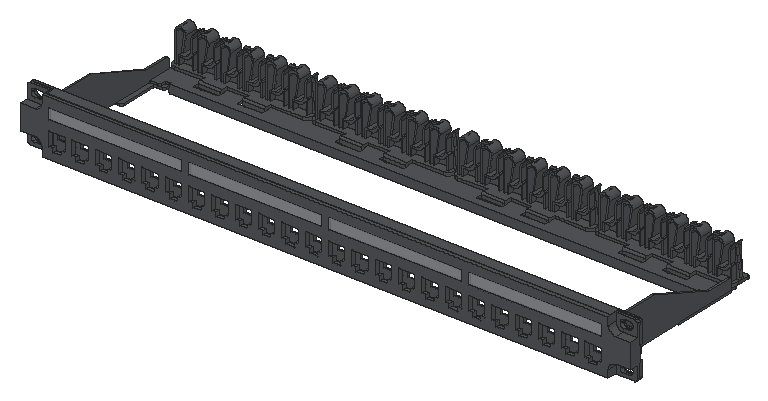
Revit family "Panel de interconexión", category Equipement spécialisé, Revit 2020 (continued)
Automatic sketch dimensions
  plane 11 to Extrusion 138 sketch curve = 0.356 mm
  Extrusion 138 sketch curve to Extrusion 138 sketch curve = 0.291 mm
  Extrusion 138 sketch curve to Extrusion 138 sketch curve = 2.84 mm
  Extrusion 138 sketch curve to plane 28 = 0.95 mm
  Extrusion 138 sketch curve to Extrusion 138 sketch curve = 1 mm
  Extrusion 138 sketch curve to Extrusion 138 sketch curve = 0.3 mm
  plane 492 to Extrusion 138 sketch curve = 2.8 mm
  Extrusion 138 sketch curve to plane 12 = 2.575 mm  (x2)
  Extrusion 138 sketch curve to Extrusion 138 sketch curve = 2.34 mm
  Extrusion 138 sketch curve to Extrusion 138 sketch curve = 0 mm  (x2)
  Extrusion 138 sketch curve to Extrusion 138 sketch curve = 1.215 mm
  Extrusion 138 sketch curve to plane 28 = 0.25 mm
  plane 44 to Extrusion 138 sketch curve = 3.067 mm
  Extrusion 138 sketch curve to Extrusion 138 sketch curve = 1.628 mm
  plane 44 to Extrusion 139 sketch curve = 3.439 mm
  Extrusion 139 sketch curve to plane 484 = 17.06 mm
  plane 11 to Extrusion 139 sketch curve = 0.356 mm
  Extrusion 139 sketch curve to Extrusion 139 sketch curve = 2.249 mm
  Extrusion 139 sketch curve to Extrusion 139 sketch curve = 0.291 mm
  Extrusion 139 sketch curve to plane 28 = 1.718 mm
  Extrusion 139 sketch curve to Extrusion 139 sketch curve = 0.591 mm
  Extrusion 139 sketch curve to Extrusion 139 sketch curve = 2.84 mm
  Extrusion 139 sketch curve to plane 28 = 0.95 mm
  Extrusion 139 sketch curve to Extrusion 139 sketch curve = 0.36 mm
  Extrusion 139 sketch curve to plane 28 = 0.25 mm  (x2)
  Extrusion 139 sketch curve to Extrusion 139 sketch curve = 0.84 mm
  Extrusion 139 sketch curve to Extrusion 139 sketch curve = 1.2 mm  (x2)
  Extrusion 139 sketch curve to Extrusion 139 sketch curve = 0.3 mm
  plane 27 to Extrusion 139 sketch curve = 0.225 mm
  Extrusion 139 sketch curve to Extrusion 139 sketch curve = 5.7 mm
  Extrusion 139 sketch curve to plane 12 = 2.575 mm  (x2)
  Extrusion 139 sketch curve to Extrusion 139 sketch curve = 3.8 mm
  plane 27 to Extrusion 139 sketch curve = 0.425 mm
  Extrusion 139 sketch curve to Extrusion 139 sketch curve = 1.535 mm
  Extrusion 139 sketch curve to Extrusion 139 sketch curve = 0 mm
  Extrusion 139 sketch curve to Extrusion 139 sketch curve = 1.215 mm
  plane 44 to Extrusion 139 sketch curve = 2.017 mm
  Extrusion 139 sketch curve to Extrusion 139 sketch curve = 1.628 mm
  plane 27 to Extrusion 140 sketch curve = 0.425 mm
  Extrusion 140 sketch curve to Extrusion 140 sketch curve = 1.76 mm
  plane 27 to Extrusion 140 sketch curve = 0.225 mm
  Extrusion 140 sketch curve to Extrusion 140 sketch curve = 1.2 mm  (x2)
  Extrusion 140 sketch curve to plane 28 = 0.25 mm  (x2)
  Extrusion 140 sketch curve to Extrusion 140 sketch curve = 3.8 mm
  Extrusion 140 sketch curve to plane 484 = 3.4 mm
  Extrusion 140 sketch curve to plane 484 = 3.1 mm  (x2)
  Extrusion 140 sketch curve to Extrusion 140 sketch curve = 0.2 mm
  Extrusion 140 sketch curve to plane 28 = 0.95 mm
  Extrusion 140 sketch curve to Extrusion 140 sketch curve = 0.64 mm
  Extrusion 140 sketch curve to plane 484 = 1.9 mm
  Extrusion 140 sketch curve to Extrusion 140 sketch curve = 0.3 mm
  plane 11 to Extrusion 140 sketch curve = 0.356 mm
  Extrusion 140 sketch curve to Extrusion 140 sketch curve = 0.291 mm
  plane 484 to Extrusion 140 sketch curve = 0.94 mm
  Extrusion 140 sketch curve to plane 12 = 2.575 mm
  Extrusion 140 sketch curve to Extrusion 140 sketch curve = 0 mm  (x2)
  Extrusion 140 sketch curve to Extrusion 140 sketch curve = 1.215 mm
  plane 44 to Extrusion 140 sketch curve = 2.017 mm
  plane 44 to Extrusion 140 sketch curve = 3.439 mm
  Extrusion 140 sketch curve to Extrusion 140 sketch curve = 1.628 mm
  plane 44 to Extrusion 141 sketch curve = 3.439 mm
  Extrusion 141 sketch curve to plane 243 = 8.192 mm
  plane 11 to Extrusion 141 sketch curve = 0.356 mm
  Extrusion 141 sketch curve to Extrusion 141 sketch curve = 2.249 mm
  Extrusion 141 sketch curve to Extrusion 141 sketch curve = 0.291 mm
  Extrusion 141 sketch curve to plane 28 = 1.718 mm
  Extrusion 141 sketch curve to Extrusion 141 sketch curve = 0.591 mm
  Extrusion 141 sketch curve to Extrusion 141 sketch curve = 2.84 mm
  Extrusion 141 sketch curve to plane 28 = 0.95 mm
  Extrusion 141 sketch curve to Extrusion 141 sketch curve = 0.36 mm
  Extrusion 141 sketch curve to plane 28 = 0.25 mm  (x2)
  Extrusion 141 sketch curve to Extrusion 141 sketch curve = 0.84 mm
  Extrusion 141 sketch curve to Extrusion 141 sketch curve = 1.2 mm  (x2)
  Extrusion 141 sketch curve to Extrusion 141 sketch curve = 0.3 mm
  plane 27 to Extrusion 141 sketch curve = 0.225 mm
  Extrusion 141 sketch curve to Extrusion 141 sketch curve = 5.7 mm
  plane 484 to Extrusion 141 sketch curve = 5.1 mm
  plane 27 to Extrusion 141 sketch curve = 0.425 mm
  Extrusion 141 sketch curve to Extrusion 141 sketch curve = 1.76 mm
  Extrusion 141 sketch curve to plane 12 = 2.575 mm
  Extrusion 141 sketch curve to Extrusion 141 sketch curve = 0 mm  (x2)
  Extrusion 141 sketch curve to Extrusion 141 sketch curve = 1.215 mm
  plane 44 to Extrusion 141 sketch curve = 2.017 mm
  Extrusion 141 sketch curve to Extrusion 141 sketch curve = 1.628 mm
  plane 27 to Extrusion 142 sketch curve = 0.425 mm
  Extrusion 142 sketch curve to Extrusion 142 sketch curve = 1.76 mm
  plane 27 to Extrusion 142 sketch curve = 0.225 mm
  Extrusion 142 sketch curve to Extrusion 142 sketch curve = 1.2 mm  (x3)
  Extrusion 142 sketch curve to plane 243 = 0.232 mm
  plane 243 to Extrusion 142 sketch curve = 5.468 mm
  Extrusion 142 sketch curve to plane 12 = 2.575 mm  (x2)
  plane 243 to Extrusion 142 sketch curve = 5.768 mm  (x2)
  plane 44 to Extrusion 142 sketch curve = 2.017 mm
  Extrusion 142 sketch curve to Extrusion 142 sketch curve = 0.2 mm
  Extrusion 142 sketch curve to plane 28 = 0.95 mm
  Extrusion 142 sketch curve to Extrusion 142 sketch curve = 0.64 mm
  Extrusion 142 sketch curve to Extrusion 142 sketch curve = 0.3 mm
  plane 11 to Extrusion 142 sketch curve = 0.356 mm
  Extrusion 142 sketch curve to Extrusion 142 sketch curve = 0.291 mm
  Extrusion 142 sketch curve to plane 39 = 2.425 mm
  Extrusion 142 sketch curve to Extrusion 142 sketch curve = 0 mm
  Extrusion 142 sketch curve to Extrusion 142 sketch curve = 1.215 mm
  Extrusion 142 sketch curve to plane 28 = 0.25 mm  (x2)
  plane 44 to Extrusion 142 sketch curve = 3.439 mm
  Extrusion 142 sketch curve to Extrusion 142 sketch curve = 1.628 mm
  Extrusion 143 sketch curve to plane 14 = 0.4 mm
  Extrusion 143 sketch curve to plane 38 = 2.065 mm
  Extrusion 143 sketch curve to plane 38 = 2.21 mm
  Extrusion 143 sketch curve to plane 28 = 0.95 mm
  Extrusion 143 sketch curve to Extrusion 143 sketch curve = 0.36 mm
  Extrusion 143 sketch curve to Extrusion 143 sketch curve = 0.64 mm
  Extrusion 143 sketch curve to plane 28 = 0.25 mm  (x2)
  Extrusion 143 sketch curve to Extrusion 143 sketch curve = 0.84 mm
  Extrusion 143 sketch curve to Extrusion 143 sketch curve = 1.2 mm
  Extrusion 143 sketch curve to Extrusion 143 sketch curve = 0.3 mm
  Extrusion 143 sketch curve to plane 43 = 0.135 mm
  plane 39 to Extrusion 143 sketch curve = 1.735 mm
  plane 39 to Extrusion 143 sketch curve = 0.535 mm
  plane 27 to Extrusion 143 sketch curve = 0.425 mm
  Extrusion 143 sketch curve to plane 39 = 1.225 mm
  plane 27 to Extrusion 143 sketch curve = 0.225 mm
  Extrusion 143 sketch curve to plane 12 = 2.575 mm  (x2)
  Extrusion 143 sketch curve to Extrusion 143 sketch curve = 0 mm
  Extrusion 143 sketch curve to Extrusion 143 sketch curve = 1.215 mm
  plane 44 to Extrusion 143 sketch curve = 2.017 mm
  Extrusion 143 sketch curve to Extrusion 143 sketch curve = 2.681 mm
  plane 582 to Extrusion 144 sketch curve = 2.257 mm
  Extrusion 144 sketch curve to Extrusion 144 sketch curve = 4.833 mm
  plane 44 to Extrusion 144 sketch curve = 3.067 mm
  plane 44 to Extrusion 144 sketch curve = 5.117 mm
  Extrusion 144 sketch curve to Extrusion 144 sketch curve = 1 mm
  Extrusion 144 sketch curve to Extrusion 144 sketch curve = 1.2 mm
  Extrusion 144 sketch curve to Extrusion 144 sketch curve = 0 mm
  plane 583 to Extrusion 145 sketch curve = 2.257 mm
  Extrusion 145 sketch curve to Extrusion 145 sketch curve = 4.833 mm
  plane 44 to Extrusion 145 sketch curve = 3.067 mm
  plane 44 to Extrusion 145 sketch curve = 5.117 mm
  Extrusion 145 sketch curve to Extrusion 145 sketch curve = 1 mm
  Extrusion 145 sketch curve to Extrusion 145 sketch curve = 1.2 mm
  Extrusion 145 sketch curve to Extrusion 145 sketch curve = 0 mm
  plane 484 to Extrusion 146 sketch curve = 0.357 mm
  plane 484 to Extrusion 146 sketch curve = 5.19 mm
  plane 44 to Extrusion 146 sketch curve = 3.067 mm
  plane 44 to Extrusion 146 sketch curve = 5.117 mm
  Extrusion 146 sketch curve to Extrusion 146 sketch curve = 1 mm
  Extrusion 146 sketch curve to Extrusion 146 sketch curve = 1.2 mm
  Extrusion 146 sketch curve to Extrusion 146 sketch curve = 0 mm
  plane 585 to Extrusion 147 sketch curve = 2.257 mm
  Extrusion 147 sketch curve to plane 243 = 3.942 mm
  plane 44 to Extrusion 147 sketch curve = 3.067 mm
  plane 44 to Extrusion 147 sketch curve = 5.117 mm
  Extrusion 147 sketch curve to Extrusion 147 sketch curve = 1 mm
  Extrusion 147 sketch curve to Extrusion 147 sketch curve = 1.2 mm
  Extrusion 147 sketch curve to Extrusion 147 sketch curve = 0 mm
  plane 586 to Extrusion 148 sketch curve = 2.257 mm
  plane 39 to Extrusion 148 sketch curve = 1.825 mm
  plane 44 to Extrusion 148 sketch curve = 3.067 mm
  plane 44 to Extrusion 148 sketch curve = 5.117 mm
  Extrusion 148 sketch curve to Extrusion 148 sketch curve = 1 mm
  Extrusion 148 sketch curve to Extrusion 148 sketch curve = 1.2 mm
  Extrusion 148 sketch curve to Extrusion 148 sketch curve = 0 mm
  Extrusion 149 sketch curve to Extrusion 149 sketch curve = 2 mm
  Extrusion 149 sketch curve to Extrusion 149 sketch curve = 5 mm
  Extrusion 149 sketch curve to Extrusion 67 = 1 mm
  Extrusion 67 to Extrusion 149 sketch curve = 0.15 mm
  plane 41 to Extrusion 150 sketch curve = 1.267 mm
  Extrusion 150 sketch curve to plane 478 = 14.465 mm
  Extrusion 150 sketch curve to Extrusion 150 sketch curve = 1.5 mm  (x2)
  Extrusion 150 sketch curve to Extrusion 150 sketch curve = 0.5 mm
  Extrusion 150 sketch curve to Extrusion 150 sketch curve = 2.5 mm
  plane 41 to Extrusion 150 sketch curve = 0.767 mm
  Extrusion 150 sketch curve to plane 41 = 1.233 mm
  Extrusion 150 sketch curve to plane 41 = 1.733 mm
  plane 41 to Extrusion 151 sketch curve = 1.267 mm
  Extrusion 151 sketch curve to plane 478 = 14.465 mm
  Extrusion 151 sketch curve to Extrusion 151 sketch curve = 1.5 mm  (x2)
  Extrusion 151 sketch curve to Extrusion 151 sketch curve = 0.5 mm  (x2)
  Extrusion 151 sketch curve to Extrusion 151 sketch curve = 2.5 mm
  plane 41 to Extrusion 151 sketch curve = 0.767 mm
  Extrusion 151 sketch curve to plane 41 = 1.233 mm
  Extrusion 152 sketch curve to plane 594 = 0 mm
  plane 41 to Extrusion 152 sketch curve = 0.766 mm
  Extrusion 154 sketch curve to plane 598 = 0 mm
  plane 399 to Extrusion 154 sketch curve = 0.535 mm
  Extrusion 154 sketch curve to plane 599 = 2.5 mm
  Extrusion 155 sketch curve to plane 602 = 0 mm
  plane 41 to Extrusion 155 sketch curve = 0.766 mm
  Extrusion 157 sketch curve to plane 605 = 0 mm
  plane 399 to Extrusion 157 sketch curve = 0.535 mm
  Extrusion 157 sketch curve to plane 606 = 2.5 mm
  Extrusion 158 sketch curve to Extrusion 158 sketch curve = 0 mm  (x2)
  Extrusion 158 sketch curve to plane 609 = 0 mm
  Extrusion 158 sketch curve to plane 611 = 0 mm
  plane 611 to Extrusion 158 sketch curve = 0 mm
  Extrusion 158 sketch curve to plane 615 = 0 mm  (x2)
  plane 619 to Extrusion 158 sketch curve = 0.3 mm
  Extrusion 158 sketch curve to plane 609 = 0.36 mm
  plane 611 to Extrusion 158 sketch curve = 0.2 mm
  Extrusion 158 sketch curve to plane 611 = 0.3 mm
  plane 615 to Extrusion 158 sketch curve = 0.465 mm
  plane 595 to Extrusion 158 sketch curve = 3.3 mm
  Extrusion 158 sketch curve to plane 28 = 0.25 mm  (x2)
  plane 595 to Extrusion 158 sketch curve = 2.8 mm
  Extrusion 158 sketch curve to plane 608 = 0.42 mm
  Extrusion 158 sketch curve to Extrusion 158 sketch curve = 1.189 mm
  plane 28 to Extrusion 158 sketch curve = 0.95 mm
  plane 595 to Extrusion 158 sketch curve = 1.5 mm
  plane 595 to Extrusion 158 sketch curve = 0.311 mm
  Extrusion 158 sketch curve to plane 616 = 0.2 mm
  Extrusion 158 sketch curve to plane 12 = 2.575 mm  (x2)
  Extrusion 158 sketch curve to Extrusion 158 sketch curve = 1.215 mm
  Extrusion 159 sketch curve to Extrusion 159 sketch curve = 0 mm  (x2)
  Extrusion 159 sketch curve to plane 622 = 0 mm
  Extrusion 159 sketch curve to plane 624 = 0 mm
  plane 624 to Extrusion 159 sketch curve = 0 mm
  Extrusion 159 sketch curve to plane 628 = 0 mm  (x2)
  plane 632 to Extrusion 159 sketch curve = 0.3 mm
  Extrusion 159 sketch curve to plane 622 = 0.36 mm
  plane 624 to Extrusion 159 sketch curve = 0.2 mm
  Extrusion 159 sketch curve to plane 624 = 0.3 mm
  plane 628 to Extrusion 159 sketch curve = 0.465 mm
  plane 629 to Extrusion 159 sketch curve = 4.3 mm
  Extrusion 159 sketch curve to plane 28 = 0.25 mm  (x2)
  plane 629 to Extrusion 159 sketch curve = 3.8 mm
  Extrusion 159 sketch curve to plane 621 = 0.42 mm
  Extrusion 159 sketch curve to Extrusion 159 sketch curve = 1.189 mm
  plane 28 to Extrusion 159 sketch curve = 0.95 mm
  Extrusion 159 sketch curve to Extrusion 159 sketch curve = 0.1 mm
  Extrusion 159 sketch curve to plane 632 = 1.163 mm
  Extrusion 159 sketch curve to plane 629 = 0.2 mm
  Extrusion 159 sketch curve to plane 12 = 2.575 mm  (x2)
  Extrusion 159 sketch curve to Extrusion 159 sketch curve = 1.215 mm
  Extrusion 160 sketch curve to Extrusion 160 sketch curve = 0 mm  (x2)
  Extrusion 160 sketch curve to plane 635 = 0 mm
  Extrusion 160 sketch curve to plane 637 = 0 mm
  plane 637 to Extrusion 160 sketch curve = 0 mm
  Extrusion 160 sketch curve to plane 641 = 0 mm  (x2)
  plane 645 to Extrusion 160 sketch curve = 0.3 mm
  Extrusion 160 sketch curve to plane 635 = 0.36 mm
  plane 637 to Extrusion 160 sketch curve = 0.2 mm
  Extrusion 160 sketch curve to plane 637 = 0.3 mm
  plane 641 to Extrusion 160 sketch curve = 0.465 mm
  plane 642 to Extrusion 160 sketch curve = 4.3 mm
  Extrusion 160 sketch curve to plane 28 = 0.25 mm  (x2)
  plane 642 to Extrusion 160 sketch curve = 3.8 mm
  Extrusion 160 sketch curve to plane 634 = 0.42 mm
  Extrusion 160 sketch curve to Extrusion 160 sketch curve = 1.189 mm
  plane 28 to Extrusion 160 sketch curve = 0.95 mm
  Extrusion 160 sketch curve to Extrusion 160 sketch curve = 0.1 mm
  Extrusion 160 sketch curve to plane 645 = 1.163 mm
  Extrusion 160 sketch curve to plane 642 = 0.2 mm
  Extrusion 160 sketch curve to plane 12 = 2.575 mm  (x2)
  Extrusion 160 sketch curve to Extrusion 160 sketch curve = 1.215 mm
  Extrusion 161 sketch curve to Extrusion 161 sketch curve = 0 mm  (x2)
  Extrusion 161 sketch curve to plane 648 = 0 mm
  Extrusion 161 sketch curve to plane 650 = 0 mm
  plane 650 to Extrusion 161 sketch curve = 0 mm
  Extrusion 161 sketch curve to plane 654 = 0 mm  (x2)
  plane 658 to Extrusion 161 sketch curve = 0.3 mm
  Extrusion 161 sketch curve to plane 648 = 0.36 mm
  plane 650 to Extrusion 161 sketch curve = 0.2 mm
  Extrusion 161 sketch curve to plane 650 = 0.3 mm
  plane 654 to Extrusion 161 sketch curve = 0.465 mm
  plane 655 to Extrusion 161 sketch curve = 4.3 mm
  Extrusion 161 sketch curve to plane 28 = 0.25 mm  (x2)
  plane 655 to Extrusion 161 sketch curve = 3.8 mm
  Extrusion 161 sketch curve to plane 647 = 0.42 mm
  Extrusion 161 sketch curve to Extrusion 161 sketch curve = 1.189 mm
  plane 28 to Extrusion 161 sketch curve = 0.95 mm
  Extrusion 161 sketch curve to Extrusion 161 sketch curve = 0.1 mm
  Extrusion 161 sketch curve to plane 658 = 1.163 mm
  Extrusion 161 sketch curve to plane 655 = 0.2 mm
  Extrusion 161 sketch curve to plane 12 = 2.575 mm  (x2)
  Extrusion 161 sketch curve to Extrusion 161 sketch curve = 1.215 mm
  Extrusion 162 sketch curve to Extrusion 162 sketch curve = 0 mm  (x2)
  Extrusion 162 sketch curve to plane 661 = 0 mm
  Extrusion 162 sketch curve to plane 663 = 0 mm
  plane 663 to Extrusion 162 sketch curve = 0 mm
  Extrusion 162 sketch curve to plane 667 = 0 mm  (x2)
  plane 671 to Extrusion 162 sketch curve = 0.3 mm
  Extrusion 162 sketch curve to plane 661 = 0.36 mm
  plane 663 to Extrusion 162 sketch curve = 0.2 mm
  Extrusion 162 sketch curve to plane 663 = 0.3 mm
  plane 667 to Extrusion 162 sketch curve = 0.465 mm
  plane 668 to Extrusion 162 sketch curve = 4.3 mm
  Extrusion 162 sketch curve to plane 28 = 0.25 mm  (x2)
  plane 668 to Extrusion 162 sketch curve = 3.8 mm
  Extrusion 162 sketch curve to plane 660 = 0.42 mm
  Extrusion 162 sketch curve to Extrusion 162 sketch curve = 1.189 mm
  plane 28 to Extrusion 162 sketch curve = 0.95 mm
  Extrusion 162 sketch curve to Extrusion 162 sketch curve = 0.1 mm
  Extrusion 162 sketch curve to plane 671 = 1.163 mm
  Extrusion 162 sketch curve to plane 668 = 0.2 mm
  Extrusion 162 sketch curve to plane 12 = 2.575 mm  (x2)
  Extrusion 162 sketch curve to Extrusion 162 sketch curve = 1.215 mm
  Extrusion 163 sketch curve to Extrusion 163 sketch curve = 0 mm  (x2)
  Extrusion 163 sketch curve to plane 674 = 0 mm
  Extrusion 163 sketch curve to plane 676 = 0 mm
  plane 676 to Extrusion 163 sketch curve = 0 mm
  Extrusion 163 sketch curve to plane 680 = 0 mm  (x2)
  plane 684 to Extrusion 163 sketch curve = 0.3 mm
  Extrusion 163 sketch curve to plane 674 = 0.36 mm
  plane 676 to Extrusion 163 sketch curve = 0.2 mm
  Extrusion 163 sketch curve to plane 676 = 0.3 mm
  plane 680 to Extrusion 163 sketch curve = 0.465 mm
  plane 681 to Extrusion 163 sketch curve = 4.3 mm
  Extrusion 163 sketch curve to plane 28 = 0.25 mm  (x2)
  plane 681 to Extrusion 163 sketch curve = 3.8 mm
  Extrusion 163 sketch curve to plane 673 = 0.42 mm
  Extrusion 163 sketch curve to Extrusion 163 sketch curve = 1.189 mm
  plane 28 to Extrusion 163 sketch curve = 0.95 mm
  Extrusion 163 sketch curve to Extrusion 163 sketch curve = 0.1 mm
  Extrusion 163 sketch curve to plane 684 = 1.163 mm
  Extrusion 163 sketch curve to plane 681 = 0.2 mm
  Extrusion 163 sketch curve to plane 12 = 2.575 mm  (x2)
  Extrusion 163 sketch curve to Extrusion 163 sketch curve = 1.215 mm
  plane 11 to Extrusion 164 sketch curve = 0.429 mm
  Extrusion 164 sketch curve to Extrusion 164 sketch curve = 1.5 mm
  plane 11 to Extrusion 164 sketch curve = 0.356 mm
  Extrusion 164 sketch curve to Extrusion 164 sketch curve = 0.291 mm
  Extrusion 164 sketch curve to Extrusion 164 sketch curve = 2.84 mm
  Extrusion 164 sketch curve to plane 28 = 0.95 mm
  Extrusion 164 sketch curve to Extrusion 164 sketch curve = 1 mm
  Extrusion 164 sketch curve to Extrusion 164 sketch curve = 0.3 mm
  plane 595 to Extrusion 164 sketch curve = 2.8 mm
  Extrusion 164 sketch curve to plane 12 = 2.575 mm  (x2)
  Extrusion 164 sketch curve to Extrusion 164 sketch curve = 2.34 mm
  Extrusion 164 sketch curve to Extrusion 164 sketch curve = 0 mm  (x2)
  Extrusion 164 sketch curve to Extrusion 164 sketch curve = 1.215 mm
  Extrusion 164 sketch curve to plane 28 = 0.25 mm
  plane 44 to Extrusion 164 sketch curve = 3.067 mm
  Extrusion 164 sketch curve to Extrusion 164 sketch curve = 1.628 mm
  plane 44 to Extrusion 165 sketch curve = 3.439 mm
  plane 595 to Extrusion 165 sketch curve = 30.84 mm
  plane 11 to Extrusion 165 sketch curve = 0.356 mm
  Extrusion 165 sketch curve to Extrusion 165 sketch curve = 2.249 mm
  Extrusion 165 sketch curve to Extrusion 165 sketch curve = 0.291 mm
  Extrusion 165 sketch curve to plane 28 = 1.718 mm
  Extrusion 165 sketch curve to Extrusion 165 sketch curve = 0.591 mm
  Extrusion 165 sketch curve to Extrusion 165 sketch curve = 2.84 mm
  Extrusion 165 sketch curve to plane 28 = 0.95 mm
  Extrusion 165 sketch curve to Extrusion 165 sketch curve = 0.36 mm
  Extrusion 165 sketch curve to plane 28 = 0.25 mm  (x2)
  Extrusion 165 sketch curve to Extrusion 165 sketch curve = 0.84 mm
  Extrusion 165 sketch curve to Extrusion 165 sketch curve = 1.2 mm  (x2)
  Extrusion 165 sketch curve to Extrusion 165 sketch curve = 0.3 mm
  plane 27 to Extrusion 165 sketch curve = 0.225 mm
  Extrusion 165 sketch curve to Extrusion 165 sketch curve = 5.7 mm
  Extrusion 165 sketch curve to plane 12 = 2.575 mm  (x2)
  Extrusion 165 sketch curve to Extrusion 165 sketch curve = 3.8 mm
  plane 27 to Extrusion 165 sketch curve = 0.425 mm
  Extrusion 165 sketch curve to Extrusion 165 sketch curve = 1.535 mm
  Extrusion 165 sketch curve to Extrusion 165 sketch curve = 0 mm
  Extrusion 165 sketch curve to Extrusion 165 sketch curve = 1.215 mm
  plane 44 to Extrusion 165 sketch curve = 2.017 mm
  Extrusion 165 sketch curve to Extrusion 165 sketch curve = 1.628 mm
  plane 27 to Extrusion 166 sketch curve = 0.425 mm
  Extrusion 166 sketch curve to Extrusion 166 sketch curve = 1.76 mm
  plane 27 to Extrusion 166 sketch curve = 0.225 mm
  Extrusion 166 sketch curve to Extrusion 166 sketch curve = 1.2 mm  (x3)
  Extrusion 166 sketch curve to plane 28 = 0.25 mm  (x2)
  Extrusion 166 sketch curve to Extrusion 166 sketch curve = 3.8 mm
  Extrusion 166 sketch curve to Extrusion 166 sketch curve = 5.7 mm
  Extrusion 166 sketch curve to plane 12 = 2.575 mm  (x2)
  Extrusion 166 sketch curve to Extrusion 166 sketch curve = 6 mm  (x2)
  plane 44 to Extrusion 166 sketch curve = 2.017 mm
  Extrusion 166 sketch curve to Extrusion 166 sketch curve = 0.2 mm
  Extrusion 166 sketch curve to plane 28 = 0.95 mm
  Extrusion 166 sketch curve to Extrusion 166 sketch curve = 0.64 mm
  plane 44 to Extrusion 166 sketch curve = 5.067 mm
  Extrusion 166 sketch curve to Extrusion 166 sketch curve = 0.3 mm
  plane 11 to Extrusion 166 sketch curve = 0.356 mm
  Extrusion 166 sketch curve to Extrusion 166 sketch curve = 0.291 mm
  Extrusion 166 sketch curve to Extrusion 166 sketch curve = 2.84 mm
  Extrusion 166 sketch curve to Extrusion 166 sketch curve = 0 mm
  Extrusion 166 sketch curve to Extrusion 166 sketch curve = 1.215 mm
  Extrusion 166 sketch curve to Extrusion 166 sketch curve = 1.628 mm
  plane 44 to Extrusion 167 sketch curve = 3.439 mm
  plane 10 to Extrusion 167 sketch curve = 34.76 mm
  plane 11 to Extrusion 167 sketch curve = 0.356 mm
  Extrusion 167 sketch curve to Extrusion 167 sketch curve = 2.249 mm
  Extrusion 167 sketch curve to Extrusion 167 sketch curve = 0.291 mm
  Extrusion 167 sketch curve to plane 28 = 1.718 mm
  Extrusion 167 sketch curve to Extrusion 167 sketch curve = 0.591 mm
  Extrusion 167 sketch curve to Extrusion 167 sketch curve = 2.84 mm
  Extrusion 167 sketch curve to plane 28 = 0.95 mm
  Extrusion 167 sketch curve to Extrusion 167 sketch curve = 0.36 mm
  Extrusion 167 sketch curve to plane 28 = 0.25 mm  (x2)
  Extrusion 167 sketch curve to Extrusion 167 sketch curve = 0.84 mm
  Extrusion 167 sketch curve to Extrusion 167 sketch curve = 1.2 mm  (x2)
  Extrusion 167 sketch curve to Extrusion 167 sketch curve = 0.3 mm
  plane 27 to Extrusion 167 sketch curve = 0.225 mm
  Extrusion 167 sketch curve to Extrusion 167 sketch curve = 5.7 mm
  Extrusion 167 sketch curve to plane 12 = 2.575 mm  (x2)
  Extrusion 167 sketch curve to Extrusion 167 sketch curve = 3.8 mm
  plane 27 to Extrusion 167 sketch curve = 0.425 mm
  Extrusion 167 sketch curve to Extrusion 167 sketch curve = 1.76 mm
  Extrusion 167 sketch curve to Extrusion 167 sketch curve = 0 mm
  Extrusion 167 sketch curve to Extrusion 167 sketch curve = 1.215 mm
  plane 44 to Extrusion 167 sketch curve = 2.017 mm
  Extrusion 167 sketch curve to Extrusion 167 sketch curve = 1.628 mm
  plane 27 to Extrusion 168 sketch curve = 0.425 mm
  Extrusion 168 sketch curve to Extrusion 168 sketch curve = 1.76 mm
  plane 27 to Extrusion 168 sketch curve = 0.225 mm
  Extrusion 168 sketch curve to Extrusion 168 sketch curve = 1.2 mm  (x3)
  Extrusion 168 sketch curve to plane 28 = 0.25 mm  (x2)
  Extrusion 168 sketch curve to Extrusion 168 sketch curve = 3.8 mm
  Extrusion 168 sketch curve to Extrusion 168 sketch curve = 5.7 mm
  Extrusion 168 sketch curve to plane 12 = 2.575 mm  (x2)
  Extrusion 168 sketch curve to Extrusion 168 sketch curve = 6 mm  (x2)
  plane 44 to Extrusion 168 sketch curve = 2.017 mm
  Extrusion 168 sketch curve to Extrusion 168 sketch curve = 0.2 mm
  Extrusion 168 sketch curve to plane 28 = 0.95 mm
  Extrusion 168 sketch curve to Extrusion 168 sketch curve = 0.64 mm
  plane 44 to Extrusion 168 sketch curve = 5.067 mm
  Extrusion 168 sketch curve to Extrusion 168 sketch curve = 0.3 mm
  plane 11 to Extrusion 168 sketch curve = 0.356 mm
  Extrusion 168 sketch curve to Extrusion 168 sketch curve = 0.291 mm
  Extrusion 168 sketch curve to Extrusion 168 sketch curve = 2.84 mm
  Extrusion 168 sketch curve to Extrusion 168 sketch curve = 0 mm
  Extrusion 168 sketch curve to Extrusion 168 sketch curve = 1.215 mm
  Extrusion 168 sketch curve to Extrusion 168 sketch curve = 1.628 mm
  Extrusion 169 sketch curve to plane 587 = 0 mm
  plane 10 to Extrusion 169 sketch curve = 1.6 mm
  plane 10 to Extrusion 169 sketch curve = 1.745 mm
  Extrusion 169 sketch curve to plane 28 = 0.95 mm
  Extrusion 169 sketch curve to Extrusion 169 sketch curve = 0.36 mm
  Extrusion 169 sketch curve to Extrusion 169 sketch curve = 0.64 mm
  Extrusion 169 sketch curve to plane 28 = 0.25 mm  (x2)
  Extrusion 169 sketch curve to Extrusion 169 sketch curve = 0.84 mm
  Extrusion 169 sketch curve to Extrusion 169 sketch curve = 1.2 mm  (x2)
  Extrusion 169 sketch curve to Extrusion 169 sketch curve = 0.3 mm
  plane 27 to Extrusion 169 sketch curve = 0.225 mm
  Extrusion 169 sketch curve to Extrusion 169 sketch curve = 5.7 mm
  Extrusion 169 sketch curve to plane 12 = 2.575 mm
  Extrusion 169 sketch curve to Extrusion 169 sketch curve = 3.8 mm
  plane 27 to Extrusion 169 sketch curve = 0.425 mm
  Extrusion 169 sketch curve to Extrusion 169 sketch curve = 1.76 mm
  Extrusion 169 sketch curve to Extrusion 169 sketch curve = 0 mm  (x2)
  Extrusion 169 sketch curve to Extrusion 169 sketch curve = 1.215 mm
  plane 44 to Extrusion 169 sketch curve = 2.017 mm
  Extrusion 169 sketch curve to Extrusion 169 sketch curve = 2.681 mm
  plane 685 to Extrusion 170 sketch curve = 2.257 mm
  Extrusion 170 sketch curve to Extrusion 170 sketch curve = 4.833 mm
  plane 44 to Extrusion 170 sketch curve = 3.067 mm
  plane 44 to Extrusion 170 sketch curve = 5.117 mm
  Extrusion 170 sketch curve to Extrusion 170 sketch curve = 1 mm
  Extrusion 170 sketch curve to Extrusion 170 sketch curve = 1.2 mm
  Extrusion 170 sketch curve to Extrusion 170 sketch curve = 0 mm
  plane 686 to Extrusion 171 sketch curve = 2.257 mm
  Extrusion 171 sketch curve to Extrusion 171 sketch curve = 4.833 mm
  plane 44 to Extrusion 171 sketch curve = 3.067 mm
  plane 44 to Extrusion 171 sketch curve = 5.117 mm
  Extrusion 171 sketch curve to Extrusion 171 sketch curve = 1 mm
  Extrusion 171 sketch curve to Extrusion 171 sketch curve = 1.2 mm
  Extrusion 171 sketch curve to Extrusion 171 sketch curve = 0 mm
  plane 687 to Extrusion 172 sketch curve = 2.257 mm
  Extrusion 172 sketch curve to Extrusion 172 sketch curve = 4.833 mm
  plane 44 to Extrusion 172 sketch curve = 3.067 mm
  plane 44 to Extrusion 172 sketch curve = 5.117 mm
  Extrusion 172 sketch curve to Extrusion 172 sketch curve = 1 mm
  Extrusion 172 sketch curve to Extrusion 172 sketch curve = 1.2 mm
  Extrusion 172 sketch curve to Extrusion 172 sketch curve = 0 mm
  plane 688 to Extrusion 173 sketch curve = 2.257 mm
  Extrusion 173 sketch curve to Extrusion 173 sketch curve = 4.833 mm
  plane 44 to Extrusion 173 sketch curve = 3.067 mm
  plane 44 to Extrusion 173 sketch curve = 5.117 mm
  Extrusion 173 sketch curve to Extrusion 173 sketch curve = 1 mm
  Extrusion 173 sketch curve to Extrusion 173 sketch curve = 1.2 mm
  Extrusion 173 sketch curve to Extrusion 173 sketch curve = 0 mm
  plane 689 to Extrusion 174 sketch curve = 2.257 mm
  Extrusion 174 sketch curve to Extrusion 174 sketch curve = 4.833 mm
  plane 44 to Extrusion 174 sketch curve = 3.067 mm
  plane 44 to Extrusion 174 sketch curve = 5.117 mm
  Extrusion 174 sketch curve to Extrusion 174 sketch curve = 1 mm
  Extrusion 174 sketch curve to Extrusion 174 sketch curve = 1.2 mm
  Extrusion 174 sketch curve to Extrusion 174 sketch curve = 0 mm
  Extrusion 175 sketch curve to Extrusion 175 sketch curve = 2 mm  (x2)
  Extrusion 175 sketch curve to Extrusion 175 sketch curve = 5 mm
  Extrusion 175 sketch curve to Extrusion 67 = 1 mm
  plane 41 to Extrusion 176 sketch curve = 1.267 mm
  Extrusion 176 sketch curve to plane 478 = 14.465 mm
  Extrusion 176 sketch curve to Extrusion 176 sketch curve = 1.5 mm  (x2)
  Extrusion 176 sketch curve to Extrusion 176 sketch curve = 0.5 mm
  Extrusion 176 sketch curve to Extrusion 176 sketch curve = 2.5 mm
  plane 41 to Extrusion 176 sketch curve = 0.767 mm
  Extrusion 176 sketch curve to plane 41 = 1.233 mm
  Extrusion 176 sketch curve to plane 41 = 1.733 mm
  plane 41 to Extrusion 177 sketch curve = 1.267 mm
  Extrusion 177 sketch curve to plane 478 = 14.465 mm
  Extrusion 177 sketch curve to Extrusion 177 sketch curve = 1.5 mm  (x2)
  Extrusion 177 sketch curve to Extrusion 177 sketch curve = 0.5 mm  (x2)
  Extrusion 177 sketch curve to Extrusion 177 sketch curve = 2.5 mm
  plane 41 to Extrusion 177 sketch curve = 0.767 mm
  Extrusion 177 sketch curve to plane 41 = 1.233 mm
  Extrusion 178 sketch curve to plane 696 = 0 mm
  plane 41 to Extrusion 178 sketch curve = 0.766 mm
  Extrusion 180 sketch curve to plane 700 = 0 mm
  plane 399 to Extrusion 180 sketch curve = 0.535 mm
  Extrusion 180 sketch curve to plane 701 = 2.5 mm
  Extrusion 181 sketch curve to plane 704 = 0 mm
  plane 41 to Extrusion 181 sketch curve = 0.766 mm
  Extrusion 183 sketch curve to plane 707 = 0 mm
  plane 399 to Extrusion 183 sketch curve = 0.535 mm
  Extrusion 183 sketch curve to plane 708 = 2.5 mm
  Extrusion 184 sketch curve to Extrusion 184 sketch curve = 0 mm  (x2)
  Extrusion 184 sketch curve to plane 711 = 0 mm
  Extrusion 184 sketch curve to plane 713 = 0 mm
  plane 713 to Extrusion 184 sketch curve = 0 mm
  Extrusion 184 sketch curve to plane 717 = 0 mm  (x2)
  plane 721 to Extrusion 184 sketch curve = 0.3 mm
  Extrusion 184 sketch curve to plane 711 = 0.36 mm
  plane 713 to Extrusion 184 sketch curve = 0.2 mm
  Extrusion 184 sketch curve to plane 713 = 0.3 mm
  plane 717 to Extrusion 184 sketch curve = 0.465 mm
  plane 697 to Extrusion 184 sketch curve = 3.3 mm
  Extrusion 184 sketch curve to plane 28 = 0.25 mm  (x2)
  plane 697 to Extrusion 184 sketch curve = 2.8 mm
  Extrusion 184 sketch curve to plane 710 = 0.42 mm
  Extrusion 184 sketch curve to Extrusion 184 sketch curve = 1.189 mm
  plane 28 to Extrusion 184 sketch curve = 0.95 mm
  plane 697 to Extrusion 184 sketch curve = 1.5 mm
  plane 697 to Extrusion 184 sketch curve = 0.311 mm
  Extrusion 184 sketch curve to plane 718 = 0.2 mm
  Extrusion 184 sketch curve to plane 12 = 2.575 mm  (x2)
  Extrusion 184 sketch curve to Extrusion 184 sketch curve = 1.215 mm
  Extrusion 185 sketch curve to Extrusion 185 sketch curve = 0 mm  (x2)
  Extrusion 185 sketch curve to plane 724 = 0 mm
  Extrusion 185 sketch curve to plane 726 = 0 mm
  plane 726 to Extrusion 185 sketch curve = 0 mm
  Extrusion 185 sketch curve to plane 730 = 0 mm  (x2)
  plane 734 to Extrusion 185 sketch curve = 0.3 mm
  Extrusion 185 sketch curve to plane 724 = 0.36 mm
  plane 726 to Extrusion 185 sketch curve = 0.2 mm
  Extrusion 185 sketch curve to plane 726 = 0.3 mm
  plane 730 to Extrusion 185 sketch curve = 0.465 mm
  plane 731 to Extrusion 185 sketch curve = 4.3 mm
  Extrusion 185 sketch curve to plane 28 = 0.25 mm  (x2)
  plane 731 to Extrusion 185 sketch curve = 3.8 mm
  Extrusion 185 sketch curve to plane 723 = 0.42 mm
  Extrusion 185 sketch curve to Extrusion 185 sketch curve = 1.189 mm
  plane 28 to Extrusion 185 sketch curve = 0.95 mm
  Extrusion 185 sketch curve to Extrusion 185 sketch curve = 0.1 mm
  Extrusion 185 sketch curve to plane 734 = 1.163 mm
  Extrusion 185 sketch curve to plane 731 = 0.2 mm
  Extrusion 185 sketch curve to plane 12 = 2.575 mm  (x2)
  Extrusion 185 sketch curve to Extrusion 185 sketch curve = 1.215 mm
  Extrusion 186 sketch curve to Extrusion 186 sketch curve = 0 mm  (x2)
  Extrusion 186 sketch curve to plane 737 = 0 mm
  Extrusion 186 sketch curve to plane 739 = 0 mm
  plane 739 to Extrusion 186 sketch curve = 0 mm
  Extrusion 186 sketch curve to plane 743 = 0 mm  (x2)
  plane 747 to Extrusion 186 sketch curve = 0.3 mm
  Extrusion 186 sketch curve to plane 737 = 0.36 mm
  plane 739 to Extrusion 186 sketch curve = 0.2 mm
  Extrusion 186 sketch curve to plane 739 = 0.3 mm
  plane 743 to Extrusion 186 sketch curve = 0.465 mm
  plane 744 to Extrusion 186 sketch curve = 4.3 mm
  Extrusion 186 sketch curve to plane 28 = 0.25 mm  (x2)
  plane 744 to Extrusion 186 sketch curve = 3.8 mm
  Extrusion 186 sketch curve to plane 736 = 0.42 mm
  Extrusion 186 sketch curve to Extrusion 186 sketch curve = 1.189 mm
  plane 28 to Extrusion 186 sketch curve = 0.95 mm
  Extrusion 186 sketch curve to Extrusion 186 sketch curve = 0.1 mm
  Extrusion 186 sketch curve to plane 747 = 1.163 mm
  Extrusion 186 sketch curve to plane 744 = 0.2 mm
  Extrusion 186 sketch curve to plane 12 = 2.575 mm  (x2)
  Extrusion 186 sketch curve to Extrusion 186 sketch curve = 1.215 mm
  Extrusion 187 sketch curve to Extrusion 187 sketch curve = 0 mm  (x2)
  Extrusion 187 sketch curve to plane 750 = 0 mm
  Extrusion 187 sketch curve to plane 752 = 0 mm
  plane 752 to Extrusion 187 sketch curve = 0 mm
  Extrusion 187 sketch curve to plane 756 = 0 mm  (x2)
  plane 760 to Extrusion 187 sketch curve = 0.3 mm
  Extrusion 187 sketch curve to plane 750 = 0.36 mm
  plane 752 to Extrusion 187 sketch curve = 0.2 mm
  Extrusion 187 sketch curve to plane 752 = 0.3 mm
  plane 756 to Extrusion 187 sketch curve = 0.465 mm
  plane 757 to Extrusion 187 sketch curve = 4.3 mm
  Extrusion 187 sketch curve to plane 28 = 0.25 mm  (x2)
  plane 757 to Extrusion 187 sketch curve = 3.8 mm
  Extrusion 187 sketch curve to plane 749 = 0.42 mm
  Extrusion 187 sketch curve to Extrusion 187 sketch curve = 1.189 mm
  plane 28 to Extrusion 187 sketch curve = 0.95 mm
  Extrusion 187 sketch curve to Extrusion 187 sketch curve = 0.1 mm
  Extrusion 187 sketch curve to plane 760 = 1.163 mm
  Extrusion 187 sketch curve to plane 757 = 0.2 mm
  Extrusion 187 sketch curve to plane 12 = 2.575 mm  (x2)
  Extrusion 187 sketch curve to Extrusion 187 sketch curve = 1.215 mm
  Extrusion 188 sketch curve to Extrusion 188 sketch curve = 0 mm  (x2)
  Extrusion 188 sketch curve to plane 763 = 0 mm
  Extrusion 188 sketch curve to plane 765 = 0 mm
  plane 765 to Extrusion 188 sketch curve = 0 mm
  Extrusion 188 sketch curve to plane 769 = 0 mm  (x2)
  plane 773 to Extrusion 188 sketch curve = 0.3 mm
  Extrusion 188 sketch curve to plane 763 = 0.36 mm
  plane 765 to Extrusion 188 sketch curve = 0.2 mm
  Extrusion 188 sketch curve to plane 765 = 0.3 mm
  plane 769 to Extrusion 188 sketch curve = 0.465 mm
  plane 770 to Extrusion 188 sketch curve = 4.3 mm
  Extrusion 188 sketch curve to plane 28 = 0.25 mm  (x2)
  plane 770 to Extrusion 188 sketch curve = 3.8 mm
  Extrusion 188 sketch curve to plane 762 = 0.42 mm
  Extrusion 188 sketch curve to Extrusion 188 sketch curve = 1.189 mm
  plane 28 to Extrusion 188 sketch curve = 0.95 mm
  Extrusion 188 sketch curve to Extrusion 188 sketch curve = 0.1 mm
  Extrusion 188 sketch curve to plane 773 = 1.163 mm
  Extrusion 188 sketch curve to plane 770 = 0.2 mm
  Extrusion 188 sketch curve to plane 12 = 2.575 mm  (x2)
  Extrusion 188 sketch curve to Extrusion 188 sketch curve = 1.215 mm
  Extrusion 189 sketch curve to Extrusion 189 sketch curve = 0 mm  (x2)
  Extrusion 189 sketch curve to plane 776 = 0 mm
  Extrusion 189 sketch curve to plane 778 = 0 mm
  plane 778 to Extrusion 189 sketch curve = 0 mm
  Extrusion 189 sketch curve to plane 782 = 0 mm  (x2)
  plane 786 to Extrusion 189 sketch curve = 0.3 mm
  Extrusion 189 sketch curve to plane 776 = 0.36 mm
  plane 778 to Extrusion 189 sketch curve = 0.2 mm
  Extrusion 189 sketch curve to plane 778 = 0.3 mm
  plane 782 to Extrusion 189 sketch curve = 0.465 mm
  plane 783 to Extrusion 189 sketch curve = 4.3 mm
  Extrusion 189 sketch curve to plane 28 = 0.25 mm  (x2)
  plane 783 to Extrusion 189 sketch curve = 3.8 mm
  Extrusion 189 sketch curve to plane 775 = 0.42 mm
  Extrusion 189 sketch curve to Extrusion 189 sketch curve = 1.189 mm
  plane 28 to Extrusion 189 sketch curve = 0.95 mm
  Extrusion 189 sketch curve to Extrusion 189 sketch curve = 0.1 mm
  Extrusion 189 sketch curve to plane 786 = 1.163 mm
  Extrusion 189 sketch curve to plane 783 = 0.2 mm
  Extrusion 189 sketch curve to plane 12 = 2.575 mm  (x2)
  Extrusion 189 sketch curve to Extrusion 189 sketch curve = 1.215 mm
  plane 11 to Extrusion 190 sketch curve = 0.429 mm
  Extrusion 190 sketch curve to Extrusion 190 sketch curve = 1.5 mm
  plane 11 to Extrusion 190 sketch curve = 0.356 mm
  Extrusion 190 sketch curve to Extrusion 190 sketch curve = 0.291 mm
  Extrusion 190 sketch curve to Extrusion 190 sketch curve = 2.84 mm
  Extrusion 190 sketch curve to plane 28 = 0.95 mm
  Extrusion 190 sketch curve to Extrusion 190 sketch curve = 1 mm
  Extrusion 190 sketch curve to Extrusion 190 sketch curve = 0.3 mm
  plane 697 to Extrusion 190 sketch curve = 2.8 mm
  plane 14 to Extrusion 190 sketch curve = 1.2 mm
  Extrusion 190 sketch curve to plane 12 = 2.575 mm
  Extrusion 190 sketch curve to Extrusion 190 sketch curve = 0 mm  (x3)
  Extrusion 190 sketch curve to Extrusion 190 sketch curve = 1.215 mm
  Extrusion 190 sketch curve to plane 28 = 0.25 mm
  plane 44 to Extrusion 190 sketch curve = 3.067 mm
  Extrusion 190 sketch curve to Extrusion 190 sketch curve = 1.628 mm
  plane 44 to Extrusion 191 sketch curve = 3.439 mm
  plane 697 to Extrusion 191 sketch curve = 30.84 mm
  plane 11 to Extrusion 191 sketch curve = 0.356 mm
  Extrusion 191 sketch curve to Extrusion 191 sketch curve = 2.249 mm
  Extrusion 191 sketch curve to Extrusion 191 sketch curve = 0.291 mm
  Extrusion 191 sketch curve to plane 28 = 1.718 mm
  Extrusion 191 sketch curve to Extrusion 191 sketch curve = 0.591 mm
  Extrusion 191 sketch curve to Extrusion 191 sketch curve = 2.84 mm
  Extrusion 191 sketch curve to plane 28 = 0.95 mm
  Extrusion 191 sketch curve to Extrusion 191 sketch curve = 0.36 mm
  Extrusion 191 sketch curve to plane 28 = 0.25 mm  (x2)
  Extrusion 191 sketch curve to Extrusion 191 sketch curve = 0.84 mm
  Extrusion 191 sketch curve to Extrusion 191 sketch curve = 1.2 mm  (x2)
  Extrusion 191 sketch curve to Extrusion 191 sketch curve = 0.3 mm
  plane 27 to Extrusion 191 sketch curve = 0.225 mm
  Extrusion 191 sketch curve to Extrusion 191 sketch curve = 5.7 mm
  Extrusion 191 sketch curve to plane 12 = 2.575 mm  (x2)
  Extrusion 191 sketch curve to Extrusion 191 sketch curve = 3.8 mm
  plane 27 to Extrusion 191 sketch curve = 0.425 mm
  Extrusion 191 sketch curve to Extrusion 191 sketch curve = 1.535 mm
  Extrusion 191 sketch curve to Extrusion 191 sketch curve = 0 mm
  Extrusion 191 sketch curve to Extrusion 191 sketch curve = 1.215 mm
  plane 44 to Extrusion 191 sketch curve = 2.017 mm
  Extrusion 191 sketch curve to Extrusion 191 sketch curve = 1.628 mm
  plane 27 to Extrusion 192 sketch curve = 0.425 mm
  Extrusion 192 sketch curve to Extrusion 192 sketch curve = 1.76 mm
  plane 27 to Extrusion 192 sketch curve = 0.225 mm
  Extrusion 192 sketch curve to Extrusion 192 sketch curve = 1.2 mm  (x3)
  Extrusion 192 sketch curve to plane 28 = 0.25 mm  (x2)
  Extrusion 192 sketch curve to Extrusion 192 sketch curve = 3.8 mm
  Extrusion 192 sketch curve to Extrusion 192 sketch curve = 5.7 mm
  Extrusion 192 sketch curve to plane 12 = 2.575 mm  (x2)
  Extrusion 192 sketch curve to Extrusion 192 sketch curve = 6 mm  (x2)
  plane 44 to Extrusion 192 sketch curve = 2.017 mm
  Extrusion 192 sketch curve to Extrusion 192 sketch curve = 0.2 mm
  Extrusion 192 sketch curve to plane 28 = 0.95 mm
  Extrusion 192 sketch curve to Extrusion 192 sketch curve = 0.64 mm
  plane 44 to Extrusion 192 sketch curve = 5.067 mm
  Extrusion 192 sketch curve to Extrusion 192 sketch curve = 0.3 mm
  plane 11 to Extrusion 192 sketch curve = 0.356 mm
  Extrusion 192 sketch curve to Extrusion 192 sketch curve = 0.291 mm
  Extrusion 192 sketch curve to Extrusion 192 sketch curve = 2.84 mm
  Extrusion 192 sketch curve to Extrusion 192 sketch curve = 0 mm
  Extrusion 192 sketch curve to Extrusion 192 sketch curve = 1.215 mm
  Extrusion 192 sketch curve to Extrusion 192 sketch curve = 1.628 mm
  plane 44 to Extrusion 193 sketch curve = 3.439 mm
  Extrusion 193 sketch curve to plane 595 = 44.66 mm
  plane 11 to Extrusion 193 sketch curve = 0.356 mm
  Extrusion 193 sketch curve to Extrusion 193 sketch curve = 2.249 mm
  Extrusion 193 sketch curve to Extrusion 193 sketch curve = 0.291 mm
  Extrusion 193 sketch curve to plane 28 = 1.718 mm
  Extrusion 193 sketch curve to Extrusion 193 sketch curve = 0.591 mm
  Extrusion 193 sketch curve to Extrusion 193 sketch curve = 2.84 mm
  Extrusion 193 sketch curve to plane 28 = 0.95 mm
  Extrusion 193 sketch curve to Extrusion 193 sketch curve = 0.36 mm
  Extrusion 193 sketch curve to plane 28 = 0.25 mm  (x2)
  Extrusion 193 sketch curve to Extrusion 193 sketch curve = 0.84 mm
  Extrusion 193 sketch curve to Extrusion 193 sketch curve = 1.2 mm  (x2)
  Extrusion 193 sketch curve to Extrusion 193 sketch curve = 0.3 mm
  plane 27 to Extrusion 193 sketch curve = 0.225 mm
  Extrusion 193 sketch curve to Extrusion 193 sketch curve = 5.7 mm
  Extrusion 193 sketch curve to plane 12 = 2.575 mm  (x2)
  Extrusion 193 sketch curve to Extrusion 193 sketch curve = 3.8 mm
  plane 27 to Extrusion 193 sketch curve = 0.425 mm
  Extrusion 193 sketch curve to Extrusion 193 sketch curve = 1.76 mm
  Extrusion 193 sketch curve to Extrusion 193 sketch curve = 0 mm
  Extrusion 193 sketch curve to Extrusion 193 sketch curve = 1.215 mm
  plane 44 to Extrusion 193 sketch curve = 2.017 mm
  Extrusion 193 sketch curve to Extrusion 193 sketch curve = 1.628 mm
  plane 27 to Extrusion 194 sketch curve = 0.425 mm
  Extrusion 194 sketch curve to Extrusion 194 sketch curve = 1.76 mm
  plane 27 to Extrusion 194 sketch curve = 0.225 mm
  Extrusion 194 sketch curve to Extrusion 194 sketch curve = 1.2 mm  (x3)
  Extrusion 194 sketch curve to plane 28 = 0.25 mm  (x2)
  Extrusion 194 sketch curve to Extrusion 194 sketch curve = 3.8 mm
  Extrusion 194 sketch curve to Extrusion 194 sketch curve = 5.7 mm
  Extrusion 194 sketch curve to plane 12 = 2.575 mm  (x2)
  Extrusion 194 sketch curve to Extrusion 194 sketch curve = 6 mm  (x2)
  plane 44 to Extrusion 194 sketch curve = 2.017 mm
  Extrusion 194 sketch curve to Extrusion 194 sketch curve = 0.2 mm
  Extrusion 194 sketch curve to plane 28 = 0.95 mm
  Extrusion 194 sketch curve to Extrusion 194 sketch curve = 0.64 mm
  plane 44 to Extrusion 194 sketch curve = 5.067 mm
  Extrusion 194 sketch curve to Extrusion 194 sketch curve = 0.3 mm
  plane 11 to Extrusion 194 sketch curve = 0.356 mm
  Extrusion 194 sketch curve to Extrusion 194 sketch curve = 0.291 mm
  Extrusion 194 sketch curve to Extrusion 194 sketch curve = 2.84 mm
  Extrusion 194 sketch curve to Extrusion 194 sketch curve = 0 mm
  Extrusion 194 sketch curve to Extrusion 194 sketch curve = 1.215 mm
  Extrusion 194 sketch curve to Extrusion 194 sketch curve = 1.628 mm
  Extrusion 195 sketch curve to plane 12 = 2.575 mm  (x2)
  Extrusion 195 sketch curve to plane 595 = 8 mm
  Extrusion 195 sketch curve to Extrusion 195 sketch curve = 3.5 mm
  plane 44 to Extrusion 195 sketch curve = 4.698 mm
  Extrusion 195 sketch curve to plane 595 = 11.645 mm
  Extrusion 195 sketch curve to plane 28 = 0.95 mm
  Extrusion 195 sketch curve to Extrusion 195 sketch curve = 0.36 mm
  Extrusion 195 sketch curve to Extrusion 195 sketch curve = 0.64 mm
  Extrusion 195 sketch curve to plane 28 = 0.25 mm  (x2)
  Extrusion 195 sketch curve to Extrusion 195 sketch curve = 0.84 mm
  Extrusion 195 sketch curve to Extrusion 195 sketch curve = 1.2 mm  (x2)
  Extrusion 195 sketch curve to Extrusion 195 sketch curve = 0.3 mm
  plane 27 to Extrusion 195 sketch curve = 0.225 mm
  Extrusion 195 sketch curve to Extrusion 195 sketch curve = 5.7 mm
  Extrusion 195 sketch curve to Extrusion 195 sketch curve = 3.8 mm
  plane 27 to Extrusion 195 sketch curve = 0.425 mm
  Extrusion 195 sketch curve to Extrusion 195 sketch curve = 1.76 mm
  Extrusion 195 sketch curve to Extrusion 195 sketch curve = 0 mm
  Extrusion 195 sketch curve to Extrusion 195 sketch curve = 1.215 mm
  plane 44 to Extrusion 195 sketch curve = 2.017 mm
  plane 787 to Extrusion 196 sketch curve = 2.257 mm
  Extrusion 196 sketch curve to Extrusion 196 sketch curve = 4.833 mm
  plane 44 to Extrusion 196 sketch curve = 3.067 mm
  plane 44 to Extrusion 196 sketch curve = 5.117 mm
  Extrusion 196 sketch curve to Extrusion 196 sketch curve = 1 mm
  Extrusion 196 sketch curve to Extrusion 196 sketch curve = 1.2 mm
  Extrusion 196 sketch curve to Extrusion 196 sketch curve = 0 mm
  plane 788 to Extrusion 197 sketch curve = 2.257 mm
  Extrusion 197 sketch curve to Extrusion 197 sketch curve = 4.833 mm
  plane 44 to Extrusion 197 sketch curve = 3.067 mm
  plane 44 to Extrusion 197 sketch curve = 5.117 mm
  Extrusion 197 sketch curve to Extrusion 197 sketch curve = 1 mm
  Extrusion 197 sketch curve to Extrusion 197 sketch curve = 1.2 mm
  Extrusion 197 sketch curve to Extrusion 197 sketch curve = 0 mm
  plane 789 to Extrusion 198 sketch curve = 2.257 mm
  Extrusion 198 sketch curve to Extrusion 198 sketch curve = 4.833 mm
  plane 44 to Extrusion 198 sketch curve = 3.067 mm
  plane 44 to Extrusion 198 sketch curve = 5.117 mm
  Extrusion 198 sketch curve to Extrusion 198 sketch curve = 1 mm
  Extrusion 198 sketch curve to Extrusion 198 sketch curve = 1.2 mm
  Extrusion 198 sketch curve to Extrusion 198 sketch curve = 0 mm
  plane 790 to Extrusion 199 sketch curve = 2.257 mm
  Extrusion 199 sketch curve to Extrusion 199 sketch curve = 4.833 mm
  plane 44 to Extrusion 199 sketch curve = 3.067 mm
  plane 44 to Extrusion 199 sketch curve = 5.117 mm
  Extrusion 199 sketch curve to Extrusion 199 sketch curve = 1 mm
  Extrusion 199 sketch curve to Extrusion 199 sketch curve = 1.2 mm
  Extrusion 199 sketch curve to Extrusion 199 sketch curve = 0 mm
  plane 791 to Extrusion 200 sketch curve = 2.257 mm
  Extrusion 200 sketch curve to Extrusion 200 sketch curve = 4.833 mm
  plane 44 to Extrusion 200 sketch curve = 3.067 mm
  plane 44 to Extrusion 200 sketch curve = 5.117 mm
  Extrusion 200 sketch curve to Extrusion 200 sketch curve = 1 mm
  Extrusion 200 sketch curve to Extrusion 200 sketch curve = 1.2 mm
  Extrusion 200 sketch curve to Extrusion 200 sketch curve = 0 mm
